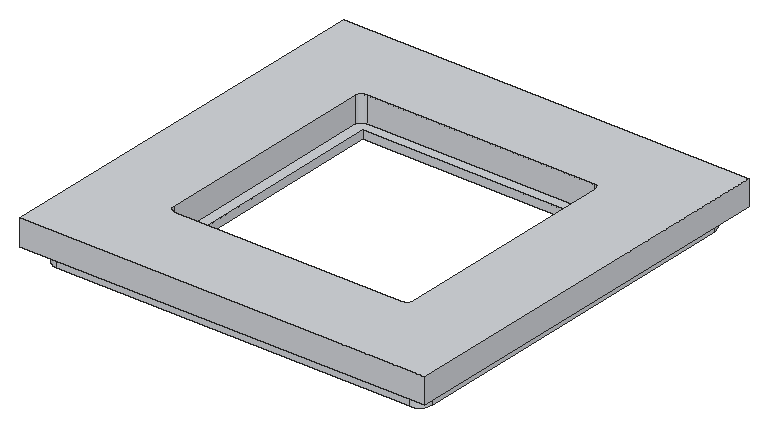
Revit family "Gira_0211227", category Electrical Fixtures, host Face, Revit 2017
Family settings
  Host = Face
  Maintain Annotation Orientation = No
  Round Connector Dimension = Use Diameter
  Part Type = Normal
  Cut with Voids When Loaded = No
  Shared = No
  Room Calculation Point = No
Parameters (values of type "Cov.fr. 1-g Gira Esprit Lin.pwd.blue")
  With mounting grid = "No"
  With hinged lid = "No"
  URL = "http://katalog.gira.de/en/datenblatt.html?artikelnr=0211227"
  Type of fastening = "Clamp mounting"
  Transparent = "No"
  Surface protection = "Other"
  Suitable for wall duct = "No"
  Suitable for flush-mounted installation = "Yes"
  Suitable for floor box = "No"
  Suitable for built-in installation = "No"
  Number of units vertical = "1"
  Number of units horizontal = "1"
  Number of units = "1"
  Name = "Cov.fr. 1-g Gira Esprit Lin.pwd.blue"
  Mounting direction = "Horizontal and vertical"
  Material quality = "Other"
  Material = "Other"
  Manufacturer URL = "https://www.gira.de/"
  Manufacturer = "Gira"
  Label space/information surface = "No"
  Keynote = ""
  HeinzeBIM = "https://bimportal.heinze.de/bim/cov-fr-1-g-gira-esprit-lin-pwd-blue/db99e89a490c3df9e0be53a92fd1e86ed3a6b3df"
  Halogen free = "No"
  HAN = "0211227"
  GTIN = "4010337016069"
  Description = "Cov.fr.1g Espr. LPwBu,Gira Esprit cover frame,linoleum-plywood blue,1-gang,Notes :,- Natural product. Colour deviations are possible.,- NCS value: approx. NCS S 7010-R90B"
  Degree of protection (IP) = "IP20"
  Default Elevation = 1219.2 mm
  Data sheet (1) = "https://katalog.gira.de/en/download.html?artikelnr=0211227"
  Colour = "Other"
  Category = "Cover frame for domestic switching devices"
  BIM (1) = "https://media.stage.bim.site/public/gira/36a6b08/Espr._Rahmen_1fach.rfa"
  Available = "No"
Reference planes
  plane 1 "Center (Front/Back)": y = 0
  plane 2: z = 0
  plane 3 "Center (Left/Right)": x = 0
Forms (mm)
  Extrusion 1, solid, detail levels fine
    sketch origin (0, 0, 0) x (1, 0, 0) y (0, 1, 0)
      loop
        line (-47.5, 47.5) -> (-47.5, -47.5) -> (47.5, -47.5) -> (47.5, 47.5) -> (-47.5, 47.5)
      loop
        arc (-28.2, -26.7) -> (-27.761, -27.761) -> (-26.7, -28.2) r 1.5
        line (-26.7, -28.2) -> (26.7, -28.2)
        arc (26.7, -28.2) -> (27.761, -27.761) -> (28.2, -26.7) r 1.5
        line (28.2, -26.7) -> (28.2, 26.7)
        arc (28.2, 26.7) -> (27.761, 27.761) -> (26.7, 28.2) r 1.5
        line (26.7, 28.2) -> (-26.7, 28.2)
        arc (-26.7, 28.2) -> (-27.761, 27.761) -> (-28.2, 26.7) r 1.5
        line (-28.2, 26.7) -> (-28.2, -26.7)
    from 0 to 6
  Extrusion 2, solid, detail levels fine
    sketch origin (0, 0, 0) x (1, 0, 0) y (0, 1, 0)
      loop
        line (-25.7, -25.7) -> (25.7, -25.7) -> (25.7, 25.7) -> (-25.7, 25.7) -> (-25.7, -25.7)
      loop
        arc (-43.1, -41.3) -> (-42.573, -42.573) -> (-41.3, -43.1) r 1.8
        line (-41.3, -43.1) -> (41.3, -43.1)
        arc (41.3, -43.1) -> (42.573, -42.573) -> (43.1, -41.3) r 1.8
        line (43.1, -41.3) -> (43.1, 41.3)
        arc (43.1, 41.3) -> (42.573, 42.573) -> (41.3, 43.1) r 1.8
        line (41.3, 43.1) -> (-41.3, 43.1)
        arc (-41.3, 43.1) -> (-42.573, 42.573) -> (-43.1, 41.3) r 1.8
        line (-43.1, 41.3) -> (-43.1, -41.3)
    from -1.9 to 0
  Extrusion 3, solid, detail levels fine
    sketch origin (0, 0, 0) x (1, 0, 0) y (0, 1, 0)
      loop
        arc (-41.4, 44.4) -> (-43.521, 43.521) -> (-44.4, 41.4) r 3
        line (-44.4, 41.4) -> (-44.4, -41.4)
        arc (-44.4, -41.4) -> (-43.521, -43.521) -> (-41.4, -44.4) r 3
        line (-41.4, -44.4) -> (41.4, -44.4)
        arc (41.4, -44.4) -> (43.521, -43.521) -> (44.4, -41.4) r 3
        line (44.4, -41.4) -> (44.4, 41.4)
        arc (44.4, 41.4) -> (43.521, 43.521) -> (41.4, 44.4) r 3
        line (41.4, 44.4) -> (-41.4, 44.4)
      loop
        line (-43.1, 41.3) -> (-43.1, -41.3)
        arc (-43.1, -41.3) -> (-42.573, -42.573) -> (-41.3, -43.1) r 1.8
        line (-41.3, -43.1) -> (41.3, -43.1)
        arc (41.3, -43.1) -> (42.573, -42.573) -> (43.1, -41.3) r 1.8
        line (43.1, -41.3) -> (43.1, 41.3)
        arc (43.1, 41.3) -> (42.573, 42.573) -> (41.3, 43.1) r 1.8
        line (41.3, 43.1) -> (-41.3, 43.1)
        arc (-41.3, 43.1) -> (-42.573, 42.573) -> (-43.1, 41.3) r 1.8
    from -3.7 to 0
  Extrusion 4, solid, detail levels medium
    sketch origin (0, 0, 0) x (1, 0, 0) y (0, 1, 0)
      loop
        line (-47.5, 47.5) -> (-47.5, -47.5) -> (47.5, -47.5) -> (47.5, 47.5) -> (-47.5, 47.5)
    from 0 to 6
  Extrusion 5, solid, detail levels medium
    sketch origin (0, 0, 0) x (1, 0, 0) y (0, 1, 0)
      loop
        line (-44.4, 44.4) -> (-44.4, -44.4) -> (44.4, -44.4) -> (44.4, 44.4) -> (-44.4, 44.4)
    from -3.7 to 0
  Extrusion 6, solid, detail levels coarse
    sketch origin (0, 0, 0) x (1, 0, 0) y (0, 1, 0)
      loop
        line (-47.5, 47.5) -> (-47.5, -47.5) -> (47.5, -47.5) -> (47.5, 47.5) -> (-47.5, 47.5)
    from -3.7 to 6
Dimensions and locks
  aligned and locked: plane 2 to host face
  aligned and locked: level to host face
